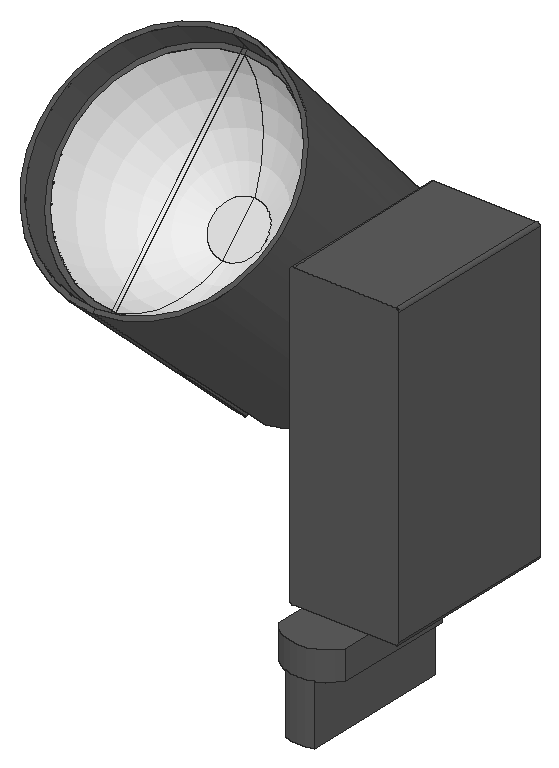
Revit family "0004891 Feilo Sylvania Lighting Fixture START TRACK SPOT L 35W 3K RA90 WB BLACK", category Lighting Fixtures, host Face, Revit 2017 (continued)
Definition of nested family "Start Track Spot Head"
  Types (96, lengths in mm): name | Wattage | built-in parameter 1150134 | Photometric Web File | Model | built-in parameter 1150105 | Lumens | built-in parameter 1150107 | built-in parameter 1150106 | HeadThickness_FEILO | HeadRibOffset_FEILO | HeadRibDepth_FEILO | HeadRibCutWidth_FEILO | HeadRibCutOffset_FEILO | HeadReflectorRadius_FEILO | HeadReflectorOffset_FEILO | HeadLEDRadius_FEILO | HeadHeight_FEILO | HeadDiffusorOffset_FEILO | HeadDiaOut_FEILO | HeadDiaIn_FEILO | HeadAxisFromTop_FEILO | Emit from Circle Diameter | built-in parameter 1150104 | Description | Apparent Load
    0004864 START TRACK SPOT S 24W 3K RA90 WB WHITE | 24 W | (empty or 0) | "0004864.ies" | "START TRACK SPOT S 24W 3K RA90 WB WHITE" | 152.79 (stored number, unit not read) | 1920 lm | 3000 (stored number, unit not read) | 1.5279 (stored number, unit not read) | 1.5 | 4.179 | 55.714 | 7.167 | 50.87 | 50.588 | 55.714 | 9.556 | 117 | 9.435 | 86 | 77.477 | 69.354 | 77.477 | 7.4322 (stored number, unit not read) | "Integrated LED spotlight, Textured White - RAL9016, compact and minimalist design, ideal for retail applications, die-cast aluminium body, passive cooling heatsink. Beam angle: 64°, color temperature: 3000K , total system power: 24W, total fixture output: 1928 lm, LOR: 100%, colour rendering: Ra: 90 typical, LED Chromaticity: 3 step MacAdam ellipse, lifetime: >50000 hours at L70B50, energy class: A++, A+, A, IR/UV free light source without heat radiation, operating voltage: 220-240V / 50-60Hz, drive current: 600mA, electronic driver, non-dimmable, power factor: 0.95, electrical protection: Class II, Global Track 3 Phase adapter suitable for Global trac 3-circuit tracks, ingress protection rating: IP20, suitable for internal environment only, horizontal rotation: 355°, vertical tilt: 90°, dimensions: Ø86x140x200, weight: 0.966kg." | 24 VA
    0004863 START TRACK SPOT S 24W 3K RA90 MB WHITE | 24 W | (empty or 0) | "0004863.ies" | "START TRACK SPOT S 24W 3K RA90 MB WHITE" | 154.7 (stored number, unit not read) | 1944 lm | 3000 (stored number, unit not read) | 1.547 (stored number, unit not read) | 1.5 | 4.179 | 55.714 | 7.167 | 50.87 | 50.588 | 55.714 | 9.556 | 117 | 9.435 | 86 | 77.477 | 69.354 | 77.477 | 7.5251 (stored number, unit not read) | "Integrated LED spotlight, Textured White - RAL9016, compact and minimalist design, ideal for retail applications, die-cast aluminium body, passive cooling heatsink. Beam angle: 36°, color temperature: 3000K , total system power: 24W, total fixture output: 1944 lm, LOR: 100%, colour rendering: Ra: 90 typical, LED Chromaticity: 3 step MacAdam ellipse, lifetime: >50000 hours at L70B50, energy class: A++, A+, A, IR/UV free light source without heat radiation, operating voltage: 220-240V / 50-60Hz, drive current: 600mA, electronic driver, non-dimmable, power factor: 0.95, electrical protection: Class II, Global Track 3 Phase adapter suitable for Global trac 3-circuit tracks, ingress protection rating: IP20, suitable for internal environment only, horizontal rotation: 355°, vertical tilt: 90°, dimensions: Ø86x140x200, weight: 0.966kg." | 24 VA
    0004862 START TRACK SPOT S 24W 3K RA90 NB WHITE | 24 W | (empty or 0) | "0004862.ies" | "START TRACK SPOT S 24W 3K RA90 NB WHITE" | 158.52 (stored number, unit not read) | 1992 lm | 3000 (stored number, unit not read) | 1.5852 (stored number, unit not read) | 1.5 | 4.179 | 55.714 | 7.167 | 50.87 | 50.588 | 55.714 | 9.556 | 117 | 9.435 | 86 | 77.477 | 69.354 | 77.477 | 7.711 (stored number, unit not read) | "Integrated LED spotlight, Textured White - RAL9016, compact and minimalist design, ideal for retail applications, die-cast aluminium body, passive cooling heatsink. Beam angle: 12°, color temperature: 3000K , total system power: 24W, total fixture output: 1987 lm, LOR: 100%, colour rendering: Ra: 90 typical, LED Chromaticity: 3 step MacAdam ellipse, lifetime: >50000 hours at L70B50, energy class: A++, A+, A, IR/UV free light source without heat radiation, operating voltage: 220-240V / 50-60Hz, drive current: 600mA, electronic driver, non-dimmable, power factor: 0.95, electrical protection: Class II, Global Track 3 Phase adapter suitable for Global trac 3-circuit tracks, ingress protection rating: IP20, suitable for internal environment only, horizontal rotation: 355°, vertical tilt: 90°, dimensions: Ø86x140x200, weight: 0.966kg." | 24 VA
    0004861 START TRACK SPOT S 14W 3K RA90 WB WHITE | 14 W | (empty or 0) | "0004861.ies" | "START TRACK SPOT S 14W 3K RA90 WB WHITE" | 100.27 (stored number, unit not read) | 1260 lm | 3000 (stored number, unit not read) | 1.0027 (stored number, unit not read) | 1.5 | 4.179 | 55.714 | 7.167 | 50.87 | 50.588 | 55.714 | 9.556 | 117 | 9.435 | 86 | 77.477 | 69.354 | 77.477 | 8.3613 (stored number, unit not read) | "Integrated LED spotlight, Textured White - RAL9016, compact and minimalist design, ideal for retail applications, die-cast aluminium body, passive cooling heatsink. Beam angle: 64°, color temperature: 3000K , total system power: 14W, total fixture output: 1262 lm, LOR: 100%, colour rendering: Ra: 90 typical, LED Chromaticity: 3 step MacAdam ellipse, lifetime: >50000 hours at L70B50, energy class: A++, A+, A, IR/UV free light source without heat radiation, operating voltage: 220-240V / 50-60Hz, drive current: 350mA, electronic driver, non-dimmable, power factor: 0.92, electrical protection: Class II, Global Track 3 Phase adapter suitable for Global trac 3-circuit tracks, ingress protection rating: IP20, suitable for internal environment only, horizontal rotation: 355°, vertical tilt: 90°, dimensions: Ø86x140x200, weight: 0.940kg." | 14 VA
    0004860 START TRACK SPOT S 14W 3K RA90 MB WHITE | 14 W | (empty or 0) | "0004860.ies" | "START TRACK SPOT S 14W 3K RA90 MB WHITE" | 100.27 (stored number, unit not read) | 1260 lm | 3000 (stored number, unit not read) | 1.0027 (stored number, unit not read) | 1.5 | 4.179 | 55.714 | 7.167 | 50.87 | 50.588 | 55.714 | 9.556 | 117 | 9.435 | 86 | 77.477 | 69.354 | 77.477 | 8.3613 (stored number, unit not read) | "Integrated LED spotlight, Textured White - RAL9016, compact and minimalist design, ideal for retail applications, die-cast aluminium body, passive cooling heatsink. Beam angle: 36°, color temperature: 3000K , total system power: 14W, total fixture output: 1262 lm, LOR: 100%, colour rendering: Ra: 90 typical, LED Chromaticity: 3 step MacAdam ellipse, lifetime: >50000 hours at L70B50, energy class: A++, A+, A, IR/UV free light source without heat radiation, operating voltage: 220-240V / 50-60Hz, drive current: 350mA, electronic driver, non-dimmable, power factor: 0.92, electrical protection: Class II, Global Track 3 Phase adapter suitable for Global trac 3-circuit tracks, ingress protection rating: IP20, suitable for internal environment only, horizontal rotation: 355°, vertical tilt: 90°, dimensions: Ø86x140x200, weight: 0.940kg." | 14 VA
    0004859 START TRACK SPOT S 14W 3K RA90 NB WHITE | 14 W | (empty or 0) | "0004859.ies" | "START TRACK SPOT S 14W 3K RA90 NB WHITE" | 102.5 (stored number, unit not read) | 1288 lm | 3000 (stored number, unit not read) | 1.025 (stored number, unit not read) | 1.5 | 4.179 | 55.714 | 7.167 | 50.87 | 50.588 | 55.714 | 9.556 | 117 | 9.435 | 86 | 77.477 | 69.354 | 77.477 | 8.5471 (stored number, unit not read) | "Integrated LED spotlight, Textured White - RAL9016, compact and minimalist design, ideal for retail applications, die-cast aluminium body, passive cooling heatsink. Beam angle: 12°, color temperature: 3000K , total system power: 14W, total fixture output: 1284 lm, LOR: 100%, colour rendering: Ra: 90 typical, LED Chromaticity: 3 step MacAdam ellipse, lifetime: >50000 hours at L70B50, energy class: A++, A+, A, IR/UV free light source without heat radiation, operating voltage: 220-240V / 50-60Hz, drive current: 350mA, electronic driver, non-dimmable, power factor: 0.92, electrical protection: Class II, Global Track 3 Phase adapter suitable for Global trac 3-circuit tracks, ingress protection rating: IP20, suitable for internal environment only, horizontal rotation: 355°, vertical tilt: 90°, dimensions: Ø86x140x200, weight: 0.940kg." | 14 VA
    0004858 START TRACK SPOT L 55W 4K RA80 WB BLACK | 55 W | 12 | "0004858.ies" | "START TRACK SPOT L 55W 4K RA80 WB BLACK" | 424.55 (stored number, unit not read) | 5335 lm | 4000 (stored number, unit not read) | 4.2455 (stored number, unit not read) | 2 | 4.429 | 59.048 | 9.417 | 53.913 | 66.471 | 59.048 | 12.556 | 124 | 10 | 113 | 101.802 | 73.503 | 101.802 | 9.0116 (stored number, unit not read) | "Integrated LED spotlight, Textured Black - RAL9005, compact and minimalist design, ideal for retail applications, die-cast aluminium body, passive cooling heatsink. Beam angle: 52°, color temperature: 4000K , total system power: 55W, total fixture output: 5320 lm, LOR: 100%, colour rendering: Ra: 80 typical, LED Chromaticity: 3 step MacAdam ellipse, lifetime: >50000 hours at L70B50, energy class: A++, A+, A, IR/UV free light source without heat radiation, operating voltage: 220-240V / 50-60Hz, drive current: 1400mA, electronic driver, non-dimmable, power factor: 0.96, electrical protection: Class II, Global Track 3 Phase adapter suitable for Global trac 3-circuit tracks, ingress protection rating: IP20, suitable for internal environment only, horizontal rotation: 355°, vertical tilt: 90°, dimensions: Ø113x164x240, weight: 1.398kg." | 55 VA
    0004857 START TRACK SPOT L 55W 4K RA80 MB BLACK | 55 W | 12 | "0004857.ies" | "START TRACK SPOT L 55W 4K RA80 MB BLACK" | 428.92 (stored number, unit not read) | 5390 lm | 4000 (stored number, unit not read) | 4.2892 (stored number, unit not read) | 2 | 4.429 | 59.048 | 9.417 | 53.913 | 66.471 | 59.048 | 12.556 | 124 | 10 | 113 | 101.802 | 73.503 | 101.802 | 9.1045 (stored number, unit not read) | "Integrated LED spotlight, Textured Black - RAL9005, compact and minimalist design, ideal for retail applications, die-cast aluminium body, passive cooling heatsink. Beam angle: 38°, color temperature: 4000K , total system power: 55W, total fixture output: 5378 lm, LOR: 100%, colour rendering: Ra: 80 typical, LED Chromaticity: 3 step MacAdam ellipse, lifetime: >50000 hours at L70B50, energy class: A++, A+, A, IR/UV free light source without heat radiation, operating voltage: 220-240V / 50-60Hz, drive current: 1400mA, electronic driver, non-dimmable, power factor: 0.96, electrical protection: Class II, Global Track 3 Phase adapter suitable for Global trac 3-circuit tracks, ingress protection rating: IP20, suitable for internal environment only, horizontal rotation: 355°, vertical tilt: 90°, dimensions: Ø113x164x240, weight: 1.398kg." | 55 VA
    0004856 START TRACK SPOT L 55W 4K RA80 NB BLACK | 55 W | 12 | "0004856.ies" | "START TRACK SPOT L 55W 4K RA80 NB BLACK" | 433.3 (stored number, unit not read) | 5445 lm | 4000 (stored number, unit not read) | 4.333 (stored number, unit not read) | 2 | 4.429 | 59.048 | 9.417 | 53.913 | 66.471 | 59.048 | 12.556 | 124 | 10 | 113 | 101.802 | 73.503 | 101.802 | 9.1974 (stored number, unit not read) | "Integrated LED spotlight, Textured Black - RAL9005, compact and minimalist design, ideal for retail applications, die-cast aluminium body, passive cooling heatsink. Beam angle: 15°, color temperature: 4000K , total system power: 55W, total fixture output: 5426 lm, LOR: 100%, colour rendering: Ra: 80 typical, LED Chromaticity: 3 step MacAdam ellipse, lifetime: >50000 hours at L70B50, energy class: A++, A+, A, IR/UV free light source without heat radiation, operating voltage: 220-240V / 50-60Hz, drive current: 1400mA, electronic driver, non-dimmable, power factor: 0.96, electrical protection: Class II, Global Track 3 Phase adapter suitable for Global trac 3-circuit tracks, ingress protection rating: IP20, suitable for internal environment only, horizontal rotation: 355°, vertical tilt: 90°, dimensions: Ø113x164x240, weight: 1.398kg." | 55 VA
    0004855 START TRACK SPOT L 35W 4K RA80 WB BLACK | 35 W | 12 | "0004855.ies" | "START TRACK SPOT L 35W 4K RA80 WB BLACK" | 320.3 (stored number, unit not read) | 4025 lm | 4000 (stored number, unit not read) | 3.203 (stored number, unit not read) | 2 | 4.429 | 59.048 | 9.417 | 53.913 | 66.471 | 59.048 | 12.556 | 124 | 10 | 113 | 101.802 | 73.503 | 101.802 | 10.684 (stored number, unit not read) | "Integrated LED spotlight, Textured Black - RAL9005, compact and minimalist design, ideal for retail applications, die-cast aluminium body, passive cooling heatsink. Beam angle: 52°, color temperature: 4000K , total system power: 35W, total fixture output: 4010 lm, LOR: 100%, colour rendering: Ra: 80 typical, LED Chromaticity: 3 step MacAdam ellipse, lifetime: >50000 hours at L70B50, energy class: A++, A+, A, IR/UV free light source without heat radiation, operating voltage: 220-240V / 50-60Hz, drive current: 900mA, electronic driver, non-dimmable, power factor: 0.93, electrical protection: Class II, Global Track 3 Phase adapter suitable for Global trac 3-circuit tracks, ingress protection rating: IP20, suitable for internal environment only, horizontal rotation: 355°, vertical tilt: 90°, dimensions: Ø113x164x240, weight: 1.368kg." | 35 VA
    0004854 START TRACK SPOT L 35W 4K RA80 MB BLACK | 35 W | 12 | "0004854.ies" | "START TRACK SPOT L 35W 4K RA80 MB BLACK" | 320.3 (stored number, unit not read) | 4025 lm | 4000 (stored number, unit not read) | 3.203 (stored number, unit not read) | 2 | 4.429 | 59.048 | 9.417 | 53.913 | 66.471 | 59.048 | 12.556 | 124 | 10 | 113 | 101.802 | 73.503 | 101.802 | 10.684 (stored number, unit not read) | "Integrated LED spotlight, Textured Black - RAL9005, compact and minimalist design, ideal for retail applications, die-cast aluminium body, passive cooling heatsink. Beam angle: 38°, color temperature: 4000K , total system power: 35W, total fixture output: 4017 lm, LOR: 100%, colour rendering: Ra: 80 typical, LED Chromaticity: 3 step MacAdam ellipse, lifetime: >50000 hours at L70B50, energy class: A++, A+, A, IR/UV free light source without heat radiation, operating voltage: 220-240V / 50-60Hz, drive current: 900mA, electronic driver, non-dimmable, power factor: 0.93, electrical protection: Class II, Global Track 3 Phase adapter suitable for Global trac 3-circuit tracks, ingress protection rating: IP20, suitable for internal environment only, horizontal rotation: 355°, vertical tilt: 90°, dimensions: Ø113x164x240, weight: 1.368kg." | 35 VA
    0004853 START TRACK SPOT L 35W 4K RA80 NB BLACK | 35 W | 12 | "0004853.ies" | "START TRACK SPOT L 35W 4K RA80 NB BLACK" | 331.44 (stored number, unit not read) | 4165 lm | 4000 (stored number, unit not read) | 3.3144 (stored number, unit not read) | 2 | 4.429 | 59.048 | 9.417 | 53.913 | 66.471 | 59.048 | 12.556 | 124 | 10 | 113 | 101.802 | 73.503 | 101.802 | 11.055 (stored number, unit not read) | "Integrated LED spotlight, Textured Black - RAL9005, compact and minimalist design, ideal for retail applications, die-cast aluminium body, passive cooling heatsink. Beam angle: 15°, color temperature: 4000K , total system power: 35W, total fixture output: 4174 lm, LOR: 100%, colour rendering: Ra: 80 typical, LED Chromaticity: 3 step MacAdam ellipse, lifetime: >50000 hours at L70B50, energy class: A++, A+, A, IR/UV free light source without heat radiation, operating voltage: 220-240V / 50-60Hz, drive current: 900mA, electronic driver, non-dimmable, power factor: 0.93, electrical protection: Class II, Global Track 3 Phase adapter suitable for Global trac 3-circuit tracks, ingress protection rating: IP20, suitable for internal environment only, horizontal rotation: 355°, vertical tilt: 90°, dimensions: Ø113x164x240, weight: 1.368kg." | 35 VA
    0004852 START TRACK SPOT S 24W 4K RA80 WB BLACK | 24 W | 12 | "0004852.ies" | "START TRACK SPOT S 24W 4K RA80 WB BLACK" | 196.72 (stored number, unit not read) | 2472 lm | 4000 (stored number, unit not read) | 1.9672 (stored number, unit not read) | 1.5 | 4.179 | 55.714 | 7.167 | 50.87 | 50.588 | 55.714 | 9.556 | 117 | 9.435 | 86 | 77.477 | 69.354 | 77.477 | 9.569 (stored number, unit not read) | "Integrated LED spotlight, Textured Black - RAL9005, compact and minimalist design, ideal for retail applications, die-cast aluminium body, passive cooling heatsink. Beam angle: 64°, color temperature: 4000K , total system power: 24W, total fixture output: 2476 lm, LOR: 100%, colour rendering: Ra: 80 typical, LED Chromaticity: 3 step MacAdam ellipse, lifetime: >50000 hours at L70B50, energy class: A++, A+, A, IR/UV free light source without heat radiation, operating voltage: 220-240V / 50-60Hz, drive current: 600mA, electronic driver, non-dimmable, power factor: 0.95, electrical protection: Class II, Global Track 3 Phase adapter suitable for Global trac 3-circuit tracks, ingress protection rating: IP20, suitable for internal environment only, horizontal rotation: 355°, vertical tilt: 90°, dimensions: Ø86x140x200, weight: 0.966kg." | 24 VA
    0004851 START TRACK SPOT S 24W 4K RA80 MB BLACK | 24 W | 12 | "0004851.ies" | "START TRACK SPOT S 24W 4K RA80 MB BLACK" | 198.63 (stored number, unit not read) | 2496 lm | 4000 (stored number, unit not read) | 1.9863 (stored number, unit not read) | 1.5 | 4.179 | 55.714 | 7.167 | 50.87 | 50.588 | 55.714 | 9.556 | 117 | 9.435 | 86 | 77.477 | 69.354 | 77.477 | 9.6619 (stored number, unit not read) | "Integrated LED spotlight, Textured Black - RAL9005, compact and minimalist design, ideal for retail applications, die-cast aluminium body, passive cooling heatsink. Beam angle: 36°, color temperature: 4000K , total system power: 24W, total fixture output: 2487 lm, LOR: 100%, colour rendering: Ra: 80 typical, LED Chromaticity: 3 step MacAdam ellipse, lifetime: >50000 hours at L70B50, energy class: A++, A+, A, IR/UV free light source without heat radiation, operating voltage: 220-240V / 50-60Hz, drive current: 600mA, electronic driver, non-dimmable, power factor: 0.95, electrical protection: Class II, Global Track 3 Phase adapter suitable for Global trac 3-circuit tracks, ingress protection rating: IP20, suitable for internal environment only, horizontal rotation: 355°, vertical tilt: 90°, dimensions: Ø86x140x200, weight: 0.966kg." | 24 VA
    0004850 START TRACK SPOT S 24W 4K RA80 NB BLACK | 24 W | 12 | "0004850.ies" | "START TRACK SPOT S 24W 4K RA80 NB BLACK" | 200.54 (stored number, unit not read) | 2520 lm | 4000 (stored number, unit not read) | 2.0054 (stored number, unit not read) | 1.5 | 4.179 | 55.714 | 7.167 | 50.87 | 50.588 | 55.714 | 9.556 | 117 | 9.435 | 86 | 77.477 | 69.354 | 77.477 | 9.7548 (stored number, unit not read) | "Integrated LED spotlight, Textured Black - RAL9005, compact and minimalist design, ideal for retail applications, die-cast aluminium body, passive cooling heatsink. Beam angle: 12°, color temperature: 4000K , total system power: 24W, total fixture output: 2529 lm, LOR: 100%, colour rendering: Ra: 80 typical, LED Chromaticity: 3 step MacAdam ellipse, lifetime: >50000 hours at L70B50, energy class: A++, A+, A, IR/UV free light source without heat radiation, operating voltage: 220-240V / 50-60Hz, drive current: 600mA, electronic driver, non-dimmable, power factor: 0.95, electrical protection: Class II, Global Track 3 Phase adapter suitable for Global trac 3-circuit tracks, ingress protection rating: IP20, suitable for internal environment only, horizontal rotation: 355°, vertical tilt: 90°, dimensions: Ø86x140x200, weight: 0.966kg." | 24 VA
    0004849 START TRACK SPOT S 14W 4K RA80 WB BLACK | 14 W | 12 | "0004849.ies" | "START TRACK SPOT S 14W 4K RA80 WB BLACK" | 123.66 (stored number, unit not read) | 1554 lm | 4000 (stored number, unit not read) | 1.2366 (stored number, unit not read) | 1.5 | 4.179 | 55.714 | 7.167 | 50.87 | 50.588 | 55.714 | 9.556 | 117 | 9.435 | 86 | 77.477 | 69.354 | 77.477 | 10.312 (stored number, unit not read) | "Integrated LED spotlight, Textured Black - RAL9005, compact and minimalist design, ideal for retail applications, die-cast aluminium body, passive cooling heatsink. Beam angle: 64°, color temperature: 4000K , total system power: 14W, total fixture output: 1558 lm, LOR: 100%, colour rendering: Ra: 80 typical, LED Chromaticity: 3 step MacAdam ellipse, lifetime: >50000 hours at L70B50, energy class: A++, A+, A, IR/UV free light source without heat radiation, operating voltage: 220-240V / 50-60Hz, drive current: 350mA, electronic driver, non-dimmable, power factor: 0.92, electrical protection: Class II, Global Track 3 Phase adapter suitable for Global trac 3-circuit tracks, ingress protection rating: IP20, suitable for internal environment only, horizontal rotation: 355°, vertical tilt: 90°, dimensions: Ø86x140x200, weight: 0.940kg." | 14 VA
    0004848 START TRACK SPOT S 14W 4K RA80 MB BLACK | 14 W | 12 | "0004848.ies" | "START TRACK SPOT S 14W 4K RA80 MB BLACK" | 127.01 (stored number, unit not read) | 1596 lm | 4000 (stored number, unit not read) | 1.2701 (stored number, unit not read) | 1.5 | 4.179 | 55.714 | 7.167 | 50.87 | 50.588 | 55.714 | 9.556 | 117 | 9.435 | 86 | 77.477 | 69.354 | 77.477 | 10.591 (stored number, unit not read) | "Integrated LED spotlight, Textured Black - RAL9005, compact and minimalist design, ideal for retail applications, die-cast aluminium body, passive cooling heatsink. Beam angle: 36°, color temperature: 4000K , total system power: 14W, total fixture output: 1598 lm, LOR: 100%, colour rendering: Ra: 80 typical, LED Chromaticity: 3 step MacAdam ellipse, lifetime: >50000 hours at L70B50, energy class: A++, A+, A, IR/UV free light source without heat radiation, operating voltage: 220-240V / 50-60Hz, drive current: 350mA, electronic driver, non-dimmable, power factor: 0.92, electrical protection: Class II, Global Track 3 Phase adapter suitable for Global trac 3-circuit tracks, ingress protection rating: IP20, suitable for internal environment only, horizontal rotation: 355°, vertical tilt: 90°, dimensions: Ø86x140x200, weight: 0.940kg." | 14 VA
    0004847 START TRACK SPOT S 14W 4K RA80 NB BLACK | 14 W | 12 | "0004847.ies" | "START TRACK SPOT S 14W 4K RA80 NB BLACK" | 128.12 (stored number, unit not read) | 1610 lm | 4000 (stored number, unit not read) | 1.2812 (stored number, unit not read) | 1.5 | 4.179 | 55.714 | 7.167 | 50.87 | 50.588 | 55.714 | 9.556 | 117 | 9.435 | 86 | 77.477 | 69.354 | 77.477 | 10.684 (stored number, unit not read) | "Integrated LED spotlight, Textured Black - RAL9005, compact and minimalist design, ideal for retail applications, die-cast aluminium body, passive cooling heatsink. Beam angle: 12°, color temperature: 4000K , total system power: 14W, total fixture output: 1608 lm, LOR: 100%, colour rendering: Ra: 80 typical, LED Chromaticity: 3 step MacAdam ellipse, lifetime: >50000 hours at L70B50, energy class: A++, A+, A, IR/UV free light source without heat radiation, operating voltage: 220-240V / 50-60Hz, drive current: 350mA, electronic driver, non-dimmable, power factor: 0.92, electrical protection: Class II, Global Track 3 Phase adapter suitable for Global trac 3-circuit tracks, ingress protection rating: IP20, suitable for internal environment only, horizontal rotation: 355°, vertical tilt: 90°, dimensions: Ø86x140x200, weight: 0.940kg." | 14 VA
    0004846 START TRACK SPOT L 55W 3K RA80 WB BLACK | 55 W | (empty or 0) | "0004846.ies" | "START TRACK SPOT L 55W 3K RA80 WB BLACK" | 420.17 (stored number, unit not read) | 5280 lm | 3000 (stored number, unit not read) | 4.2017 (stored number, unit not read) | 2 | 4.429 | 59.048 | 9.417 | 53.913 | 66.471 | 59.048 | 12.556 | 124 | 10 | 113 | 101.802 | 73.503 | 101.802 | 8.9187 (stored number, unit not read) | "Integrated LED spotlight, Textured Black - RAL9005, compact and minimalist design, ideal for retail applications, die-cast aluminium body, passive cooling heatsink. Beam angle: 52°, color temperature: 3000K , total system power: 55W, total fixture output: 5298 lm, LOR: 100%, colour rendering: Ra: 80 typical, LED Chromaticity: 3 step MacAdam ellipse, lifetime: >50000 hours at L70B50, energy class: A++, A+, A, IR/UV free light source without heat radiation, operating voltage: 220-240V / 50-60Hz, drive current: 1400mA, electronic driver, non-dimmable, power factor: 0.96, electrical protection: Class II, Global Track 3 Phase adapter suitable for Global trac 3-circuit tracks, ingress protection rating: IP20, suitable for internal environment only, horizontal rotation: 355°, vertical tilt: 90°, dimensions: Ø113x164x240, weight: 1.398kg." | 55 VA
    0004845 START TRACK SPOT L 55W 3K RA80 MB BLACK | 55 W | (empty or 0) | "0004845.ies" | "START TRACK SPOT L 55W 3K RA80 MB BLACK" | 428.92 (stored number, unit not read) | 5390 lm | 3000 (stored number, unit not read) | 4.2892 (stored number, unit not read) | 2 | 4.429 | 59.048 | 9.417 | 53.913 | 66.471 | 59.048 | 12.556 | 124 | 10 | 113 | 101.802 | 73.503 | 101.802 | 9.1045 (stored number, unit not read) | "Integrated LED spotlight, Textured Black - RAL9005, compact and minimalist design, ideal for retail applications, die-cast aluminium body, passive cooling heatsink. Beam angle: 38°, color temperature: 3000K , total system power: 55W, total fixture output: 5381 lm, LOR: 100%, colour rendering: Ra: 80 typical, LED Chromaticity: 3 step MacAdam ellipse, lifetime: >50000 hours at L70B50, energy class: A++, A+, A, IR/UV free light source without heat radiation, operating voltage: 220-240V / 50-60Hz, drive current: 1400mA, electronic driver, non-dimmable, power factor: 0.96, electrical protection: Class II, Global Track 3 Phase adapter suitable for Global trac 3-circuit tracks, ingress protection rating: IP20, suitable for internal environment only, horizontal rotation: 355°, vertical tilt: 90°, dimensions: Ø113x164x240, weight: 1.398kg." | 55 VA
    0004844 START TRACK SPOT L 55W 3K RA80 NB BLACK | 55 W | (empty or 0) | "0004844.ies" | "START TRACK SPOT L 55W 3K RA80 NB BLACK" | 433.3 (stored number, unit not read) | 5445 lm | 3000 (stored number, unit not read) | 4.333 (stored number, unit not read) | 2 | 4.429 | 59.048 | 9.417 | 53.913 | 66.471 | 59.048 | 12.556 | 124 | 10 | 113 | 101.802 | 73.503 | 101.802 | 9.1974 (stored number, unit not read) | "Integrated LED spotlight, Textured Black - RAL9005, compact and minimalist design, ideal for retail applications, die-cast aluminium body, passive cooling heatsink. Beam angle: 15°, color temperature: 3000K , total system power: 55W, total fixture output: 5449 lm, LOR: 100%, colour rendering: Ra: 80 typical, LED Chromaticity: 3 step MacAdam ellipse, lifetime: >50000 hours at L70B50, energy class: A++, A+, A, IR/UV free light source without heat radiation, operating voltage: 220-240V / 50-60Hz, drive current: 1400mA, electronic driver, non-dimmable, power factor: 0.96, electrical protection: Class II, Global Track 3 Phase adapter suitable for Global trac 3-circuit tracks, ingress protection rating: IP20, suitable for internal environment only, horizontal rotation: 355°, vertical tilt: 90°, dimensions: Ø113x164x240, weight: 1.398kg." | 55 VA
    0004843 START TRACK SPOT L 35W 3K RA80 WB BLACK | 35 W | (empty or 0) | "0004843.ies" | "START TRACK SPOT L 35W 3K RA80 WB BLACK" | 314.73 (stored number, unit not read) | 3955 lm | 3000 (stored number, unit not read) | 3.1473 (stored number, unit not read) | 2 | 4.429 | 59.048 | 9.417 | 53.913 | 66.471 | 59.048 | 12.556 | 124 | 10 | 113 | 101.802 | 73.503 | 101.802 | 10.498 (stored number, unit not read) | "Integrated LED spotlight, Textured Black - RAL9005, compact and minimalist design, ideal for retail applications, die-cast aluminium body, passive cooling heatsink. Beam angle: 52°, color temperature: 3000K , total system power: 35W, total fixture output: 3943 lm, LOR: 100%, colour rendering: Ra: 80 typical, LED Chromaticity: 3 step MacAdam ellipse, lifetime: >50000 hours at L70B50, energy class: A++, A+, A, IR/UV free light source without heat radiation, operating voltage: 220-240V / 50-60Hz, drive current: 900mA, electronic driver, non-dimmable, power factor: 0.93, electrical protection: Class II, Global Track 3 Phase adapter suitable for Global trac 3-circuit tracks, ingress protection rating: IP20, suitable for internal environment only, horizontal rotation: 355°, vertical tilt: 90°, dimensions: Ø113x164x240, weight: 1.368kg." | 35 VA
    0004842 START TRACK SPOT L 35W 3K RA80 MB BLACK | 35 W | (empty or 0) | "0004842.ies" | "START TRACK SPOT L 35W 3K RA80 MB BLACK" | 320.3 (stored number, unit not read) | 4025 lm | 3000 (stored number, unit not read) | 3.203 (stored number, unit not read) | 2 | 4.429 | 59.048 | 9.417 | 53.913 | 66.471 | 59.048 | 12.556 | 124 | 10 | 113 | 101.802 | 73.503 | 101.802 | 10.684 (stored number, unit not read) | "Integrated LED spotlight, Textured Black - RAL9005, compact and minimalist design, ideal for retail applications, die-cast aluminium body, passive cooling heatsink. Beam angle: 38°, color temperature: 3000K , total system power: 35W, total fixture output: 4008 lm, LOR: 100%, colour rendering: Ra: 80 typical, LED Chromaticity: 3 step MacAdam ellipse, lifetime: >50000 hours at L70B50, energy class: A++, A+, A, IR/UV free light source without heat radiation, operating voltage: 220-240V / 50-60Hz, drive current: 900mA, electronic driver, non-dimmable, power factor: 0.93, electrical protection: Class II, Global Track 3 Phase adapter suitable for Global trac 3-circuit tracks, ingress protection rating: IP20, suitable for internal environment only, horizontal rotation: 355°, vertical tilt: 90°, dimensions: Ø113x164x240, weight: 1.368kg." | 35 VA
    0004841 START TRACK SPOT L 35W 3K RA80 NB BLACK | 35 W | (empty or 0) | "0004841.ies" | "START TRACK SPOT L 35W 3K RA80 NB BLACK" | 317.51 (stored number, unit not read) | 3990 lm | 3000 (stored number, unit not read) | 3.1751 (stored number, unit not read) | 2 | 4.429 | 59.048 | 9.417 | 53.913 | 66.471 | 59.048 | 12.556 | 124 | 10 | 113 | 101.802 | 73.503 | 101.802 | 10.591 (stored number, unit not read) | "Integrated LED spotlight, Textured Black - RAL9005, compact and minimalist design, ideal for retail applications, die-cast aluminium body, passive cooling heatsink. Beam angle: 15°, color temperature: 3000K , total system power: 35W, total fixture output: 4005 lm, LOR: 100%, colour rendering: Ra: 80 typical, LED Chromaticity: 3 step MacAdam ellipse, lifetime: >50000 hours at L70B50, energy class: A++, A+, A, IR/UV free light source without heat radiation, operating voltage: 220-240V / 50-60Hz, drive current: 900mA, electronic driver, non-dimmable, power factor: 0.93, electrical protection: Class II, Global Track 3 Phase adapter suitable for Global trac 3-circuit tracks, ingress protection rating: IP20, suitable for internal environment only, horizontal rotation: 355°, vertical tilt: 90°, dimensions: Ø113x164x240, weight: 1.368kg." | 35 VA
    0004840 START TRACK SPOT S 24W 3K RA80 WB BLACK | 24 W | (empty or 0) | "0004840.ies" | "START TRACK SPOT S 24W 3K RA80 WB BLACK" | 185.26 (stored number, unit not read) | 2328 lm | 3000 (stored number, unit not read) | 1.8526 (stored number, unit not read) | 1.5 | 4.179 | 55.714 | 7.167 | 50.87 | 50.588 | 55.714 | 9.556 | 117 | 9.435 | 86 | 77.477 | 69.354 | 77.477 | 9.0116 (stored number, unit not read) | "Integrated LED spotlight, Textured Black - RAL9005, compact and minimalist design, ideal for retail applications, die-cast aluminium body, passive cooling heatsink. Beam angle: 64°, color temperature: 3000K , total system power: 24W, total fixture output: 2318 lm, LOR: 100%, colour rendering: Ra: 80 typical, LED Chromaticity: 3 step MacAdam ellipse, lifetime: >50000 hours at L70B50, energy class: A++, A+, A, IR/UV free light source without heat radiation, operating voltage: 220-240V / 50-60Hz, drive current: 600mA, electronic driver, non-dimmable, power factor: 0.95, electrical protection: Class II, Global Track 3 Phase adapter suitable for Global trac 3-circuit tracks, ingress protection rating: IP20, suitable for internal environment only, horizontal rotation: 355°, vertical tilt: 90°, dimensions: Ø86x140x200, weight: 0.966kg." | 24 VA
    0004839 START TRACK SPOT S 24W 3K RA80 MB BLACK | 24 W | (empty or 0) | "0004839.ies" | "START TRACK SPOT S 24W 3K RA80 MB BLACK" | 183.35 (stored number, unit not read) | 2304 lm | 3000 (stored number, unit not read) | 1.8335 (stored number, unit not read) | 1.5 | 4.179 | 55.714 | 7.167 | 50.87 | 50.588 | 55.714 | 9.556 | 117 | 9.435 | 86 | 77.477 | 69.354 | 77.477 | 8.9187 (stored number, unit not read) | "Integrated LED spotlight, Textured Black - RAL9005, compact and minimalist design, ideal for retail applications, die-cast aluminium body, passive cooling heatsink. Beam angle: 36°, color temperature: 3000K , total system power: 24W, total fixture output: 2314 lm, LOR: 100%, colour rendering: Ra: 80 typical, LED Chromaticity: 3 step MacAdam ellipse, lifetime: >50000 hours at L70B50, energy class: A++, A+, A, IR/UV free light source without heat radiation, operating voltage: 220-240V / 50-60Hz, drive current: 600mA, electronic driver, non-dimmable, power factor: 0.95, electrical protection: Class II, Global Track 3 Phase adapter suitable for Global trac 3-circuit tracks, ingress protection rating: IP20, suitable for internal environment only, horizontal rotation: 355°, vertical tilt: 90°, dimensions: Ø86x140x200, weight: 0.966kg." | 24 VA
    0004838 START TRACK SPOT S 24W 3K RA80 NB BLACK | 24 W | (empty or 0) | "0004838.ies" | "START TRACK SPOT S 24W 3K RA80 NB BLACK" | 185.26 (stored number, unit not read) | 2328 lm | 3000 (stored number, unit not read) | 1.8526 (stored number, unit not read) | 1.5 | 4.179 | 55.714 | 7.167 | 50.87 | 50.588 | 55.714 | 9.556 | 117 | 9.435 | 86 | 77.477 | 69.354 | 77.477 | 9.0116 (stored number, unit not read) | "Integrated LED spotlight, Textured Black - RAL9005, compact and minimalist design, ideal for retail applications, die-cast aluminium body, passive cooling heatsink. Beam angle: 12°, color temperature: 3000K , total system power: 24W, total fixture output: 2334 lm, LOR: 100%, colour rendering: Ra: 80 typical, LED Chromaticity: 3 step MacAdam ellipse, lifetime: >50000 hours at L70B50, energy class: A++, A+, A, IR/UV free light source without heat radiation, operating voltage: 220-240V / 50-60Hz, drive current: 600mA, electronic driver, non-dimmable, power factor: 0.95, electrical protection: Class II, Global Track 3 Phase adapter suitable for Global trac 3-circuit tracks, ingress protection rating: IP20, suitable for internal environment only, horizontal rotation: 355°, vertical tilt: 90°, dimensions: Ø86x140x200, weight: 0.966kg." | 24 VA
    0004837 START TRACK SPOT S 14W 3K RA80 WB BLACK | 14 W | (empty or 0) | "0004837.ies" | "START TRACK SPOT S 14W 3K RA80 WB BLACK" | 119.21 (stored number, unit not read) | 1498 lm | 3000 (stored number, unit not read) | 1.1921 (stored number, unit not read) | 1.5 | 4.179 | 55.714 | 7.167 | 50.87 | 50.588 | 55.714 | 9.556 | 117 | 9.435 | 86 | 77.477 | 69.354 | 77.477 | 9.9406 (stored number, unit not read) | "Integrated LED spotlight, Textured Black - RAL9005, compact and minimalist design, ideal for retail applications, die-cast aluminium body, passive cooling heatsink. Beam angle: 64°, color temperature: 3000K , total system power: 14W, total fixture output: 1498 lm, LOR: 100%, colour rendering: Ra: 80 typical, LED Chromaticity: 3 step MacAdam ellipse, lifetime: >50000 hours at L70B50, energy class: A++, A+, A, IR/UV free light source without heat radiation, operating voltage: 220-240V / 50-60Hz, drive current: 350mA, electronic driver, non-dimmable, power factor: 0.92, electrical protection: Class II, Global Track 3 Phase adapter suitable for Global trac 3-circuit tracks, ingress protection rating: IP20, suitable for internal environment only, horizontal rotation: 355°, vertical tilt: 90°, dimensions: Ø86x140x200, weight: 0.940kg." | 14 VA
    0004836 START TRACK SPOT S 14W 3K RA80 MB BLACK | 14 W | (empty or 0) | "0004836.ies" | "START TRACK SPOT S 14W 3K RA80 MB BLACK" | 120.32 (stored number, unit not read) | 1512 lm | 3000 (stored number, unit not read) | 1.2032 (stored number, unit not read) | 1.5 | 4.179 | 55.714 | 7.167 | 50.87 | 50.588 | 55.714 | 9.556 | 117 | 9.435 | 86 | 77.477 | 69.354 | 77.477 | 10.034 (stored number, unit not read) | "Integrated LED spotlight, Textured Black - RAL9005, compact and minimalist design, ideal for retail applications, die-cast aluminium body, passive cooling heatsink. Beam angle: 36°, color temperature: 3000K , total system power: 14W, total fixture output: 1508 lm, LOR: 100%, colour rendering: Ra: 80 typical, LED Chromaticity: 3 step MacAdam ellipse, lifetime: >50000 hours at L70B50, energy class: A++, A+, A, IR/UV free light source without heat radiation, operating voltage: 220-240V / 50-60Hz, drive current: 350mA, electronic driver, non-dimmable, power factor: 0.92, electrical protection: Class II, Global Track 3 Phase adapter suitable for Global trac 3-circuit tracks, ingress protection rating: IP20, suitable for internal environment only, horizontal rotation: 355°, vertical tilt: 90°, dimensions: Ø86x140x200, weight: 0.940kg." | 14 VA
    0004835 START TRACK SPOT S 14W 3K RA80 NB BLACK | 14 W | (empty or 0) | "0004835.ies" | "START TRACK SPOT S 14W 3K RA80 NB BLACK" | 123.66 (stored number, unit not read) | 1554 lm | 3000 (stored number, unit not read) | 1.2366 (stored number, unit not read) | 1.5 | 4.179 | 55.714 | 7.167 | 50.87 | 50.588 | 55.714 | 9.556 | 117 | 9.435 | 86 | 77.477 | 69.354 | 77.477 | 10.312 (stored number, unit not read) | "Integrated LED spotlight, Textured Black - RAL9005, compact and minimalist design, ideal for retail applications, die-cast aluminium body, passive cooling heatsink. Beam angle: 12°, color temperature: 3000K , total system power: 14W, total fixture output: 1551 lm, LOR: 100%, colour rendering: Ra: 80 typical, LED Chromaticity: 3 step MacAdam ellipse, lifetime: >50000 hours at L70B50, energy class: A++, A+, A, IR/UV free light source without heat radiation, operating voltage: 220-240V / 50-60Hz, drive current: 350mA, electronic driver, non-dimmable, power factor: 0.92, electrical protection: Class II, Global Track 3 Phase adapter suitable for Global trac 3-circuit tracks, ingress protection rating: IP20, suitable for internal environment only, horizontal rotation: 355°, vertical tilt: 90°, dimensions: Ø86x140x200, weight: 0.940kg." | 14 VA
    0004834 START TRACK SPOT L 55W 4K RA80 WB WHITE | 55 W | 12 | "0004834.ies" | "START TRACK SPOT L 55W 4K RA80 WB WHITE" | 424.55 (stored number, unit not read) | 5335 lm | 4000 (stored number, unit not read) | 4.2455 (stored number, unit not read) | 2 | 4.429 | 59.048 | 9.417 | 53.913 | 66.471 | 59.048 | 12.556 | 124 | 10 | 113 | 101.802 | 73.503 | 101.802 | 9.0116 (stored number, unit not read) | "Integrated LED spotlight, Textured White - RAL9016, compact and minimalist design, ideal for retail applications, die-cast aluminium body, passive cooling heatsink. Beam angle: 52°, color temperature: 4000K , total system power: 55W, total fixture output: 5320 lm, LOR: 100%, colour rendering: Ra: 80 typical, LED Chromaticity: 3 step MacAdam ellipse, lifetime: >50000 hours at L70B50, energy class: A++, A+, A, IR/UV free light source without heat radiation, operating voltage: 220-240V / 50-60Hz, drive current: 1400mA, electronic driver, non-dimmable, power factor: 0.96, electrical protection: Class II, Global Track 3 Phase adapter suitable for Global trac 3-circuit tracks, ingress protection rating: IP20, suitable for internal environment only, horizontal rotation: 355°, vertical tilt: 90°, dimensions: Ø113x164x240, weight: 1.398kg." | 55 VA
    0004833 START TRACK SPOT L 55W 4K RA80 MB WHITE | 55 W | 12 | "0004833.ies" | "START TRACK SPOT L 55W 4K RA80 MB WHITE" | 428.92 (stored number, unit not read) | 5390 lm | 4000 (stored number, unit not read) | 4.2892 (stored number, unit not read) | 2 | 4.429 | 59.048 | 9.417 | 53.913 | 66.471 | 59.048 | 12.556 | 124 | 10 | 113 | 101.802 | 73.503 | 101.802 | 9.1045 (stored number, unit not read) | "Integrated LED spotlight, Textured White - RAL9016, compact and minimalist design, ideal for retail applications, die-cast aluminium body, passive cooling heatsink. Beam angle: 38°, color temperature: 4000K , total system power: 55W, total fixture output: 5378 lm, LOR: 100%, colour rendering: Ra: 80 typical, LED Chromaticity: 3 step MacAdam ellipse, lifetime: >50000 hours at L70B50, energy class: A++, A+, A, IR/UV free light source without heat radiation, operating voltage: 220-240V / 50-60Hz, drive current: 1400mA, electronic driver, non-dimmable, power factor: 0.96, electrical protection: Class II, Global Track 3 Phase adapter suitable for Global trac 3-circuit tracks, ingress protection rating: IP20, suitable for internal environment only, horizontal rotation: 355°, vertical tilt: 90°, dimensions: Ø113x164x240, weight: 1.398kg." | 55 VA
    0004832 START TRACK SPOT L 55W 4K RA80 NB WHITE | 55 W | 12 | "0004832.ies" | "START TRACK SPOT L 55W 4K RA80 NB WHITE" | 433.3 (stored number, unit not read) | 5445 lm | 4000 (stored number, unit not read) | 4.333 (stored number, unit not read) | 2 | 4.429 | 59.048 | 9.417 | 53.913 | 66.471 | 59.048 | 12.556 | 124 | 10 | 113 | 101.802 | 73.503 | 101.802 | 9.1974 (stored number, unit not read) | "Integrated LED spotlight, Textured White - RAL9016, compact and minimalist design, ideal for retail applications, die-cast aluminium body, passive cooling heatsink. Beam angle: 15°, color temperature: 4000K , total system power: 55W, total fixture output: 5426 lm, LOR: 100%, colour rendering: Ra: 80 typical, LED Chromaticity: 3 step MacAdam ellipse, lifetime: >50000 hours at L70B50, energy class: A++, A+, A, IR/UV free light source without heat radiation, operating voltage: 220-240V / 50-60Hz, drive current: 1400mA, electronic driver, non-dimmable, power factor: 0.96, electrical protection: Class II, Global Track 3 Phase adapter suitable for Global trac 3-circuit tracks, ingress protection rating: IP20, suitable for internal environment only, horizontal rotation: 355°, vertical tilt: 90°, dimensions: Ø113x164x240, weight: 1.398kg." | 55 VA
    0004831 START TRACK SPOT L 35W 4K RA80 WB WHITE | 35 W | 12 | "0004831.ies" | "START TRACK SPOT L 35W 4K RA80 WB WHITE" | 320.3 (stored number, unit not read) | 4025 lm | 4000 (stored number, unit not read) | 3.203 (stored number, unit not read) | 2 | 4.429 | 59.048 | 9.417 | 53.913 | 66.471 | 59.048 | 12.556 | 124 | 10 | 113 | 101.802 | 73.503 | 101.802 | 10.684 (stored number, unit not read) | "Integrated LED spotlight, Textured White - RAL9016, compact and minimalist design, ideal for retail applications, die-cast aluminium body, passive cooling heatsink. Beam angle: 52°, color temperature: 4000K , total system power: 35W, total fixture output: 4010 lm, LOR: 100%, colour rendering: Ra: 80 typical, LED Chromaticity: 3 step MacAdam ellipse, lifetime: >50000 hours at L70B50, energy class: A++, A+, A, IR/UV free light source without heat radiation, operating voltage: 220-240V / 50-60Hz, drive current: 900mA, electronic driver, non-dimmable, power factor: 0.93, electrical protection: Class II, Global Track 3 Phase adapter suitable for Global trac 3-circuit tracks, ingress protection rating: IP20, suitable for internal environment only, horizontal rotation: 355°, vertical tilt: 90°, dimensions: Ø113x164x240, weight: 1.368kg." | 35 VA
    0004830 START TRACK SPOT L 35W 4K RA80 MB WHITE | 35 W | 12 | "0004830.ies" | "START TRACK SPOT L 35W 4K RA80 MB WHITE" | 320.3 (stored number, unit not read) | 4025 lm | 4000 (stored number, unit not read) | 3.203 (stored number, unit not read) | 2 | 4.429 | 59.048 | 9.417 | 53.913 | 66.471 | 59.048 | 12.556 | 124 | 10 | 113 | 101.802 | 73.503 | 101.802 | 10.684 (stored number, unit not read) | "Integrated LED spotlight, Textured White - RAL9016, compact and minimalist design, ideal for retail applications, die-cast aluminium body, passive cooling heatsink. Beam angle: 38°, color temperature: 4000K , total system power: 35W, total fixture output: 4017 lm, LOR: 100%, colour rendering: Ra: 80 typical, LED Chromaticity: 3 step MacAdam ellipse, lifetime: >50000 hours at L70B50, energy class: A++, A+, A, IR/UV free light source without heat radiation, operating voltage: 220-240V / 50-60Hz, drive current: 900mA, electronic driver, non-dimmable, power factor: 0.93, electrical protection: Class II, Global Track 3 Phase adapter suitable for Global trac 3-circuit tracks, ingress protection rating: IP20, suitable for internal environment only, horizontal rotation: 355°, vertical tilt: 90°, dimensions: Ø113x164x240, weight: 1.368kg." | 35 VA
    0004829 START TRACK SPOT L 35W 4K RA80 NB WHITE | 35 W | 12 | "0004829.ies" | "START TRACK SPOT L 35W 4K RA80 NB WHITE" | 331.44 (stored number, unit not read) | 4165 lm | 4000 (stored number, unit not read) | 3.3144 (stored number, unit not read) | 2 | 4.429 | 59.048 | 9.417 | 53.913 | 66.471 | 59.048 | 12.556 | 124 | 10 | 113 | 101.802 | 73.503 | 101.802 | 11.055 (stored number, unit not read) | "Integrated LED spotlight, Textured White - RAL9016, compact and minimalist design, ideal for retail applications, die-cast aluminium body, passive cooling heatsink. Beam angle: 15°, color temperature: 4000K , total system power: 35W, total fixture output: 4174 lm, LOR: 100%, colour rendering: Ra: 80 typical, LED Chromaticity: 3 step MacAdam ellipse, lifetime: >50000 hours at L70B50, energy class: A++, A+, A, IR/UV free light source without heat radiation, operating voltage: 220-240V / 50-60Hz, drive current: 900mA, electronic driver, non-dimmable, power factor: 0.93, electrical protection: Class II, Global Track 3 Phase adapter suitable for Global trac 3-circuit tracks, ingress protection rating: IP20, suitable for internal environment only, horizontal rotation: 355°, vertical tilt: 90°, dimensions: Ø113x164x240, weight: 1.368kg." | 35 VA
    0004828 START TRACK SPOT S 24W 4K RA80 WB WHITE | 24 W | 12 | "0004828.ies" | "START TRACK SPOT S 24W 4K RA80 WB WHITE" | 196.72 (stored number, unit not read) | 2472 lm | 4000 (stored number, unit not read) | 1.9672 (stored number, unit not read) | 1.5 | 4.179 | 55.714 | 7.167 | 50.87 | 50.588 | 55.714 | 9.556 | 117 | 9.435 | 86 | 77.477 | 69.354 | 77.477 | 9.569 (stored number, unit not read) | "Integrated LED spotlight, Textured White - RAL9016, compact and minimalist design, ideal for retail applications, die-cast aluminium body, passive cooling heatsink. Beam angle: 64°, color temperature: 4000K , total system power: 24W, total fixture output: 2476 lm, LOR: 100%, colour rendering: Ra: 80 typical, LED Chromaticity: 3 step MacAdam ellipse, lifetime: >50000 hours at L70B50, energy class: A++, A+, A, IR/UV free light source without heat radiation, operating voltage: 220-240V / 50-60Hz, drive current: 600mA, electronic driver, non-dimmable, power factor: 0.95, electrical protection: Class II, Global Track 3 Phase adapter suitable for Global trac 3-circuit tracks, ingress protection rating: IP20, suitable for internal environment only, horizontal rotation: 355°, vertical tilt: 90°, dimensions: Ø86x140x200, weight: 0.966kg." | 24 VA
    0004827 START TRACK SPOT S 24W 4K RA80 MB WHITE | 24 W | 12 | "0004827.ies" | "START TRACK SPOT S 24W 4K RA80 MB WHITE" | 198.63 (stored number, unit not read) | 2496 lm | 4000 (stored number, unit not read) | 1.9863 (stored number, unit not read) | 1.5 | 4.179 | 55.714 | 7.167 | 50.87 | 50.588 | 55.714 | 9.556 | 117 | 9.435 | 86 | 77.477 | 69.354 | 77.477 | 9.6619 (stored number, unit not read) | "Integrated LED spotlight, Textured White - RAL9016, compact and minimalist design, ideal for retail applications, die-cast aluminium body, passive cooling heatsink. Beam angle: 36°, color temperature: 4000K , total system power: 24W, total fixture output: 2487 lm, LOR: 100%, colour rendering: Ra: 80 typical, LED Chromaticity: 3 step MacAdam ellipse, lifetime: >50000 hours at L70B50, energy class: A++, A+, A, IR/UV free light source without heat radiation, operating voltage: 220-240V / 50-60Hz, drive current: 600mA, electronic driver, non-dimmable, power factor: 0.95, electrical protection: Class II, Global Track 3 Phase adapter suitable for Global trac 3-circuit tracks, ingress protection rating: IP20, suitable for internal environment only, horizontal rotation: 355°, vertical tilt: 90°, dimensions: Ø86x140x200, weight: 0.966kg." | 24 VA
    0004826 START TRACK SPOT S 24W 4K RA80 NB WHITE | 24 W | 12 | "0004826.ies" | "START TRACK SPOT S 24W 4K RA80 NB WHITE" | 200.54 (stored number, unit not read) | 2520 lm | 4000 (stored number, unit not read) | 2.0054 (stored number, unit not read) | 1.5 | 4.179 | 55.714 | 7.167 | 50.87 | 50.588 | 55.714 | 9.556 | 117 | 9.435 | 86 | 77.477 | 69.354 | 77.477 | 9.7548 (stored number, unit not read) | "Integrated LED spotlight, Textured White - RAL9016, compact and minimalist design, ideal for retail applications, die-cast aluminium body, passive cooling heatsink. Beam angle: 12°, color temperature: 4000K , total system power: 24W, total fixture output: 2529 lm, LOR: 100%, colour rendering: Ra: 80 typical, LED Chromaticity: 3 step MacAdam ellipse, lifetime: >50000 hours at L70B50, energy class: A++, A+, A, IR/UV free light source without heat radiation, operating voltage: 220-240V / 50-60Hz, drive current: 600mA, electronic driver, non-dimmable, power factor: 0.95, electrical protection: Class II, Global Track 3 Phase adapter suitable for Global trac 3-circuit tracks, ingress protection rating: IP20, suitable for internal environment only, horizontal rotation: 355°, vertical tilt: 90°, dimensions: Ø86x140x200, weight: 0.966kg." | 24 VA
    0004825 START TRACK SPOT S 14W 4K RA80 WB WHITE | 14 W | 12 | "0004825.ies" | "START TRACK SPOT S 14W 4K RA80 WB WHITE" | 123.66 (stored number, unit not read) | 1554 lm | 4000 (stored number, unit not read) | 1.2366 (stored number, unit not read) | 1.5 | 4.179 | 55.714 | 7.167 | 50.87 | 50.588 | 55.714 | 9.556 | 117 | 9.435 | 86 | 77.477 | 69.354 | 77.477 | 10.312 (stored number, unit not read) | "Integrated LED spotlight, Textured White - RAL9016, compact and minimalist design, ideal for retail applications, die-cast aluminium body, passive cooling heatsink. Beam angle: 64°, color temperature: 4000K , total system power: 14W, total fixture output: 1558 lm, LOR: 100%, colour rendering: Ra: 80 typical, LED Chromaticity: 3 step MacAdam ellipse, lifetime: >50000 hours at L70B50, energy class: A++, A+, A, IR/UV free light source without heat radiation, operating voltage: 220-240V / 50-60Hz, drive current: 350mA, electronic driver, non-dimmable, power factor: 0.92, electrical protection: Class II, Global Track 3 Phase adapter suitable for Global trac 3-circuit tracks, ingress protection rating: IP20, suitable for internal environment only, horizontal rotation: 355°, vertical tilt: 90°, dimensions: Ø86x140x200, weight: 0.940kg." | 14 VA
    0004824 START TRACK SPOT S 14W 4K RA80 MB WHITE | 14 W | 12 | "0004824.ies" | "START TRACK SPOT S 14W 4K RA80 MB WHITE" | 127.01 (stored number, unit not read) | 1596 lm | 4000 (stored number, unit not read) | 1.2701 (stored number, unit not read) | 1.5 | 4.179 | 55.714 | 7.167 | 50.87 | 50.588 | 55.714 | 9.556 | 117 | 9.435 | 86 | 77.477 | 69.354 | 77.477 | 10.591 (stored number, unit not read) | "Integrated LED spotlight, Textured White - RAL9016, compact and minimalist design, ideal for retail applications, die-cast aluminium body, passive cooling heatsink. Beam angle: 36°, color temperature: 4000K , total system power: 14W, total fixture output: 1598 lm, LOR: 100%, colour rendering: Ra: 80 typical, LED Chromaticity: 3 step MacAdam ellipse, lifetime: >50000 hours at L70B50, energy class: A++, A+, A, IR/UV free light source without heat radiation, operating voltage: 220-240V / 50-60Hz, drive current: 350mA, electronic driver, non-dimmable, power factor: 0.92, electrical protection: Class II, Global Track 3 Phase adapter suitable for Global trac 3-circuit tracks, ingress protection rating: IP20, suitable for internal environment only, horizontal rotation: 355°, vertical tilt: 90°, dimensions: Ø86x140x200, weight: 0.940kg." | 14 VA
    0004823 START TRACK SPOT S 14W 4K RA80 NB WHITE | 14 W | 12 | "0004823.ies" | "START TRACK SPOT S 14W 4K RA80 NB WHITE" | 128.12 (stored number, unit not read) | 1610 lm | 4000 (stored number, unit not read) | 1.2812 (stored number, unit not read) | 1.5 | 4.179 | 55.714 | 7.167 | 50.87 | 50.588 | 55.714 | 9.556 | 117 | 9.435 | 86 | 77.477 | 69.354 | 77.477 | 10.684 (stored number, unit not read) | "Integrated LED spotlight, Textured White - RAL9016, compact and minimalist design, ideal for retail applications, die-cast aluminium body, passive cooling heatsink. Beam angle: 12°, color temperature: 4000K , total system power: 14W, total fixture output: 1608 lm, LOR: 100%, colour rendering: Ra: 80 typical, LED Chromaticity: 3 step MacAdam ellipse, lifetime: >50000 hours at L70B50, energy class: A++, A+, A, IR/UV free light source without heat radiation, operating voltage: 220-240V / 50-60Hz, drive current: 350mA, electronic driver, non-dimmable, power factor: 0.92, electrical protection: Class II, Global Track 3 Phase adapter suitable for Global trac 3-circuit tracks, ingress protection rating: IP20, suitable for internal environment only, horizontal rotation: 355°, vertical tilt: 90°, dimensions: Ø86x140x200, weight: 0.940kg." | 14 VA
    0004822 START TRACK SPOT L 55W 3K RA80 WB WHITE | 55 W | (empty or 0) | "0004822.ies" | "START TRACK SPOT L 55W 3K RA80 WB WHITE" | 420.17 (stored number, unit not read) | 5280 lm | 3000 (stored number, unit not read) | 4.2017 (stored number, unit not read) | 2 | 4.429 | 59.048 | 9.417 | 53.913 | 66.471 | 59.048 | 12.556 | 124 | 10 | 113 | 101.802 | 73.503 | 101.802 | 8.9187 (stored number, unit not read) | "Integrated LED spotlight, Textured White - RAL9016, compact and minimalist design, ideal for retail applications, die-cast aluminium body, passive cooling heatsink. Beam angle: 52°, color temperature: 3000K , total system power: 55W, total fixture output: 5298 lm, LOR: 100%, colour rendering: Ra: 80 typical, LED Chromaticity: 3 step MacAdam ellipse, lifetime: >50000 hours at L70B50, energy class: A++, A+, A, IR/UV free light source without heat radiation, operating voltage: 220-240V / 50-60Hz, drive current: 1400mA, electronic driver, non-dimmable, power factor: 0.96, electrical protection: Class II, Global Track 3 Phase adapter suitable for Global trac 3-circuit tracks, ingress protection rating: IP20, suitable for internal environment only, horizontal rotation: 355°, vertical tilt: 90°, dimensions: Ø113x164x240, weight: 1.398kg." | 55 VA
    0004821 START TRACK SPOT L 55W 3K RA80 MB WHITE | 55 W | (empty or 0) | "0004821.ies" | "START TRACK SPOT L 55W 3K RA80 MB WHITE" | 428.92 (stored number, unit not read) | 5390 lm | 3000 (stored number, unit not read) | 4.2892 (stored number, unit not read) | 2 | 4.429 | 59.048 | 9.417 | 53.913 | 66.471 | 59.048 | 12.556 | 124 | 10 | 113 | 101.802 | 73.503 | 101.802 | 9.1045 (stored number, unit not read) | "Integrated LED spotlight, Textured White - RAL9016, compact and minimalist design, ideal for retail applications, die-cast aluminium body, passive cooling heatsink. Beam angle: 38°, color temperature: 3000K , total system power: 55W, total fixture output: 5381 lm, LOR: 100%, colour rendering: Ra: 80 typical, LED Chromaticity: 3 step MacAdam ellipse, lifetime: >50000 hours at L70B50, energy class: A++, A+, A, IR/UV free light source without heat radiation, operating voltage: 220-240V / 50-60Hz, drive current: 1400mA, electronic driver, non-dimmable, power factor: 0.96, electrical protection: Class II, Global Track 3 Phase adapter suitable for Global trac 3-circuit tracks, ingress protection rating: IP20, suitable for internal environment only, horizontal rotation: 355°, vertical tilt: 90°, dimensions: Ø113x164x240, weight: 1.398kg." | 55 VA
    0004820 START TRACK SPOT L 55W 3K RA80 NB WHITE | 55 W | (empty or 0) | "0004820.ies" | "START TRACK SPOT L 55W 3K RA80 NB WHITE" | 433.3 (stored number, unit not read) | 5445 lm | 3000 (stored number, unit not read) | 4.333 (stored number, unit not read) | 2 | 4.429 | 59.048 | 9.417 | 53.913 | 66.471 | 59.048 | 12.556 | 124 | 10 | 113 | 101.802 | 73.503 | 101.802 | 9.1974 (stored number, unit not read) | "Integrated LED spotlight, Textured White - RAL9016, compact and minimalist design, ideal for retail applications, die-cast aluminium body, passive cooling heatsink. Beam angle: 15°, color temperature: 3000K , total system power: 55W, total fixture output: 5449 lm, LOR: 100%, colour rendering: Ra: 80 typical, LED Chromaticity: 3 step MacAdam ellipse, lifetime: >50000 hours at L70B50, energy class: A++, A+, A, IR/UV free light source without heat radiation, operating voltage: 220-240V / 50-60Hz, drive current: 1400mA, electronic driver, non-dimmable, power factor: 0.96, electrical protection: Class II, Global Track 3 Phase adapter suitable for Global trac 3-circuit tracks, ingress protection rating: IP20, suitable for internal environment only, horizontal rotation: 355°, vertical tilt: 90°, dimensions: Ø113x164x240, weight: 1.398kg." | 55 VA
    0004819 START TRACK SPOT L 35W 3K RA80 WB WHITE | 35 W | (empty or 0) | "0004819.ies" | "START TRACK SPOT L 35W 3K RA80 WB WHITE" | 314.73 (stored number, unit not read) | 3955 lm | 3000 (stored number, unit not read) | 3.1473 (stored number, unit not read) | 2 | 4.429 | 59.048 | 9.417 | 53.913 | 66.471 | 59.048 | 12.556 | 124 | 10 | 113 | 101.802 | 73.503 | 101.802 | 10.498 (stored number, unit not read) | "Integrated LED spotlight, Textured White - RAL9016, compact and minimalist design, ideal for retail applications, die-cast aluminium body, passive cooling heatsink. Beam angle: 52°, color temperature: 3000K , total system power: 35W, total fixture output: 3943 lm, LOR: 100%, colour rendering: Ra: 80 typical, LED Chromaticity: 3 step MacAdam ellipse, lifetime: >50000 hours at L70B50, energy class: A++, A+, A, IR/UV free light source without heat radiation, operating voltage: 220-240V / 50-60Hz, drive current: 900mA, electronic driver, non-dimmable, power factor: 0.93, electrical protection: Class II, Global Track 3 Phase adapter suitable for Global trac 3-circuit tracks, ingress protection rating: IP20, suitable for internal environment only, horizontal rotation: 355°, vertical tilt: 90°, dimensions: Ø113x164x240, weight: 1.368kg." | 35 VA
    0004818 START TRACK SPOT L 35W 3K RA80 MB WHITE | 35 W | (empty or 0) | "0004818.ies" | "START TRACK SPOT L 35W 3K RA80 MB WHITE" | 320.3 (stored number, unit not read) | 4025 lm | 3000 (stored number, unit not read) | 3.203 (stored number, unit not read) | 2 | 4.429 | 59.048 | 9.417 | 53.913 | 66.471 | 59.048 | 12.556 | 124 | 10 | 113 | 101.802 | 73.503 | 101.802 | 10.684 (stored number, unit not read) | "Integrated LED spotlight, Textured White - RAL9016, compact and minimalist design, ideal for retail applications, die-cast aluminium body, passive cooling heatsink. Beam angle: 38°, color temperature: 3000K , total system power: 35W, total fixture output: 4008 lm, LOR: 100%, colour rendering: Ra: 80 typical, LED Chromaticity: 3 step MacAdam ellipse, lifetime: >50000 hours at L70B50, energy class: A++, A+, A, IR/UV free light source without heat radiation, operating voltage: 220-240V / 50-60Hz, drive current: 900mA, electronic driver, non-dimmable, power factor: 0.93, electrical protection: Class II, Global Track 3 Phase adapter suitable for Global trac 3-circuit tracks, ingress protection rating: IP20, suitable for internal environment only, horizontal rotation: 355°, vertical tilt: 90°, dimensions: Ø113x164x240, weight: 1.368kg." | 35 VA
    0004817 START TRACK SPOT L 35W 3K RA80 NB WHITE | 35 W | (empty or 0) | "0004817.ies" | "START TRACK SPOT L 35W 3K RA80 NB WHITE" | 317.51 (stored number, unit not read) | 3990 lm | 3000 (stored number, unit not read) | 3.1751 (stored number, unit not read) | 2 | 4.429 | 59.048 | 9.417 | 53.913 | 66.471 | 59.048 | 12.556 | 124 | 10 | 113 | 101.802 | 73.503 | 101.802 | 10.591 (stored number, unit not read) | "Integrated LED spotlight, Textured White - RAL9016, compact and minimalist design, ideal for retail applications, die-cast aluminium body, passive cooling heatsink. Beam angle: 15°, color temperature: 3000K , total system power: 35W, total fixture output: 4005 lm, LOR: 100%, colour rendering: Ra: 80 typical, LED Chromaticity: 3 step MacAdam ellipse, lifetime: >50000 hours at L70B50, energy class: A++, A+, A, IR/UV free light source without heat radiation, operating voltage: 220-240V / 50-60Hz, drive current: 900mA, electronic driver, non-dimmable, power factor: 0.93, electrical protection: Class II, Global Track 3 Phase adapter suitable for Global trac 3-circuit tracks, ingress protection rating: IP20, suitable for internal environment only, horizontal rotation: 355°, vertical tilt: 90°, dimensions: Ø113x164x240, weight: 1.368kg." | 35 VA
    0004816 START TRACK SPOT S 24W 3K RA80 WB WHITE | 24 W | (empty or 0) | "0004816.ies" | "START TRACK SPOT S 24W 3K RA80 WB WHITE" | 185.26 (stored number, unit not read) | 2328 lm | 3000 (stored number, unit not read) | 1.8526 (stored number, unit not read) | 1.5 | 4.179 | 55.714 | 7.167 | 50.87 | 50.588 | 55.714 | 9.556 | 117 | 9.435 | 86 | 77.477 | 69.354 | 77.477 | 9.0116 (stored number, unit not read) | "Integrated LED spotlight, Textured White - RAL9016, compact and minimalist design, ideal for retail applications, die-cast aluminium body, passive cooling heatsink. Beam angle: 64°, color temperature: 3000K , total system power: 24W, total fixture output: 2318 lm, LOR: 100%, colour rendering: Ra: 80 typical, LED Chromaticity: 3 step MacAdam ellipse, lifetime: >50000 hours at L70B50, energy class: A++, A+, A, IR/UV free light source without heat radiation, operating voltage: 220-240V / 50-60Hz, drive current: 600mA, electronic driver, non-dimmable, power factor: 0.95, electrical protection: Class II, Global Track 3 Phase adapter suitable for Global trac 3-circuit tracks, ingress protection rating: IP20, suitable for internal environment only, horizontal rotation: 355°, vertical tilt: 90°, dimensions: Ø86x140x200, weight: 0.966kg." | 24 VA
    0004815 START TRACK SPOT S 24W 3K RA80 MB WHITE | 24 W | (empty or 0) | "0004815.ies" | "START TRACK SPOT S 24W 3K RA80 MB WHITE" | 183.35 (stored number, unit not read) | 2304 lm | 3000 (stored number, unit not read) | 1.8335 (stored number, unit not read) | 1.5 | 4.179 | 55.714 | 7.167 | 50.87 | 50.588 | 55.714 | 9.556 | 117 | 9.435 | 86 | 77.477 | 69.354 | 77.477 | 8.9187 (stored number, unit not read) | "Integrated LED spotlight, Textured White - RAL9016, compact and minimalist design, ideal for retail applications, die-cast aluminium body, passive cooling heatsink. Beam angle: 36°, color temperature: 3000K , total system power: 24W, total fixture output: 2314 lm, LOR: 100%, colour rendering: Ra: 80 typical, LED Chromaticity: 3 step MacAdam ellipse, lifetime: >50000 hours at L70B50, energy class: A++, A+, A, IR/UV free light source without heat radiation, operating voltage: 220-240V / 50-60Hz, drive current: 600mA, electronic driver, non-dimmable, power factor: 0.95, electrical protection: Class II, Global Track 3 Phase adapter suitable for Global trac 3-circuit tracks, ingress protection rating: IP20, suitable for internal environment only, horizontal rotation: 355°, vertical tilt: 90°, dimensions: Ø86x140x200, weight: 0.966kg." | 24 VA
    0004814 START TRACK SPOT S 24W 3K RA80 NB WHITE | 24 W | (empty or 0) | "0004814.ies" | "START TRACK SPOT S 24W 3K RA80 NB WHITE" | 185.26 (stored number, unit not read) | 2328 lm | 3000 (stored number, unit not read) | 1.8526 (stored number, unit not read) | 1.5 | 4.179 | 55.714 | 7.167 | 50.87 | 50.588 | 55.714 | 9.556 | 117 | 9.435 | 86 | 77.477 | 69.354 | 77.477 | 9.0116 (stored number, unit not read) | "Integrated LED spotlight, Textured White - RAL9016, compact and minimalist design, ideal for retail applications, die-cast aluminium body, passive cooling heatsink. Beam angle: 12°, color temperature: 3000K , total system power: 24W, total fixture output: 2334 lm, LOR: 100%, colour rendering: Ra: 80 typical, LED Chromaticity: 3 step MacAdam ellipse, lifetime: >50000 hours at L70B50, energy class: A++, A+, A, IR/UV free light source without heat radiation, operating voltage: 220-240V / 50-60Hz, drive current: 600mA, electronic driver, non-dimmable, power factor: 0.95, electrical protection: Class II, Global Track 3 Phase adapter suitable for Global trac 3-circuit tracks, ingress protection rating: IP20, suitable for internal environment only, horizontal rotation: 355°, vertical tilt: 90°, dimensions: Ø86x140x200, weight: 0.966kg." | 24 VA
    0004813 START TRACK SPOT S 14W 3K RA80 WB WHITE | 14 W | (empty or 0) | "0004813.ies" | "START TRACK SPOT S 14W 3K RA80 WB WHITE" | 119.21 (stored number, unit not read) | 1498 lm | 3000 (stored number, unit not read) | 1.1921 (stored number, unit not read) | 1.5 | 4.179 | 55.714 | 7.167 | 50.87 | 50.588 | 55.714 | 9.556 | 117 | 9.435 | 86 | 77.477 | 69.354 | 77.477 | 9.9406 (stored number, unit not read) | "Integrated LED spotlight, Textured White - RAL9016, compact and minimalist design, ideal for retail applications, die-cast aluminium body, passive cooling heatsink. Beam angle: 64°, color temperature: 3000K , total system power: 14W, total fixture output: 1498 lm, LOR: 100%, colour rendering: Ra: 80 typical, LED Chromaticity: 3 step MacAdam ellipse, lifetime: >50000 hours at L70B50, energy class: A++, A+, A, IR/UV free light source without heat radiation, operating voltage: 220-240V / 50-60Hz, drive current: 350mA, electronic driver, non-dimmable, power factor: 0.92, electrical protection: Class II, Global Track 3 Phase adapter suitable for Global trac 3-circuit tracks, ingress protection rating: IP20, suitable for internal environment only, horizontal rotation: 355°, vertical tilt: 90°, dimensions: Ø86x140x200, weight: 0.940kg." | 14 VA
